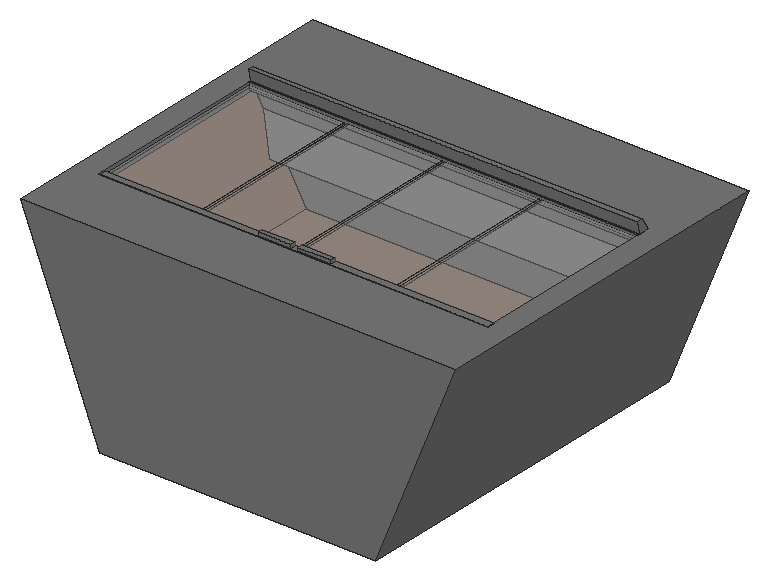
Revit family "Fireplace_Gas_Heatilator_Reveal", category Mechanical Equipment, host Face, Revit 2015
Parameters (values of type "42x21 Viewing Area LP")
  hvacsupplyrad [instance] = HVAC Supply Connection Diameter / 2  # 0' - 2"
  gasrad [instance] = Gas Connection Diameter / 2  # 0' - 0 1/4"
  exhaustrad [instance] = Exhaust Connection Diameter / 2  # 0' - 2 1/2"
  Warranty Duration (Years) = 0
  Unit Width = 3' - 11"
  Unit Weight = 0
  Unit Height = 3' - 3 1/2"
  Unit Depth = 1' - 9 1/2"
  URL = "http://www.heatilator.com/"
  Test Data = ""
  Standards Conformance = "UL  ;  cUL"
  Specification = "http://www.arcat.com/sdspecs/htm04/10_31_07hea.htm"
  SpecWizard = ""
  Send Message = "http://www.arcat.com/users.pl?action=UserEmail&amp;company=Heatilator<sup><small></small></sup>&amp;coid=49248&amp;rep=144&amp;fax=&amp;mf=95"
  Screen [instance] = RevealFace : DF
  Sales Information = "http://www.heatilator.com/Contact-Us.aspx"
  Revision = "R2_2014-09"
  Recess Into Host [instance] = 1' - 9 1/2"
  Rear Width = 2' - 5 3/4"
  Rear Wall Finish [instance] = Masonry - Heatilator - Brick as Specified
  Product Properties = ""
  Product Data = "http://www.arcat.com/arcatcos/cos9549/arc49248.html"
  Opening Width = 3' - 6"
  Opening Height = 1' - 9"
  Mounting Height [instance] = 1' - 10.76867"
  Model = "RBV4842"
  Media Material [instance] = Surface - Heatilator - Media as Specified
  Manufacturer Website = "http://www.heatilator.com/"
  Manufacturer Phone - Toll Free = "800-927-6841"
  Manufacturer Phone = ""
  Manufacturer Fax = ""
  Manufacturer Address = "7571 215th St. W.  Lakeville, MN 55044"
  Manufacturer = "Heatilator"
  Maintenance Schedule (Months) = 0
  Keynote = "10305"
  Installation-Fabrication = ""
  Installation Phase = ""
  Heating Capacity = "as Specified"
  HVAC_BTU Output = 0.0 Btu/h
  HVAC_BTU Input = 41000.0 Btu/h
  HVAC Supply Connection Diameter [instance] = 4"
  Green Building-LEED = ""
  Glazing Tint [instance] = Glazing - Heatilator - Clear
  Gas Connection Diameter [instance] = 1/2"
  Fuel Type = "LP"
  Fuel Consumption = "as Specified"
  Fixture Finish = Metal - Heatilator - Metallic Black
  Expected Lifespan (Years) = 0
  Exhaust Connection Diameter [instance] = 5"
  Electrical_Voltage = 120 V
  Efficiency Ratings = "as Specified"
  Drawn By = "Sumex Design, Inc. / Robert S. Weygant, CSI, CDT, SCIP"
  Door Finish [instance] = Metal - Heatilator - Metallic Black
  Description = "Heatilator Gas Burning Fireplace - Reveal RBV4842 LP as Specified"
  Default Elevation = 0' - 0"
  Copyright = "©Arcat Inc."
  Construction Details = "http://www.arcat.com/details/heatil/heatil.html?coid=49248"
  Building Codes = ""
  Assembly Code = "D3020"
Types (4): name | Unit Width | Rear Width | Opening Width | Model | HVAC_BTU Input | Fuel Type | Description
  42x21 Viewing Area LP | 3' - 11" | 2' - 5 3/4" | 3' - 6" | "RBV4842" | 41000.0 Btu/h | "LP" | "Heatilator Gas Burning Fireplace - Reveal RBV4842 LP as Specified"
  42x21 Viewing Area NG | 3' - 11" | 2' - 5 3/4" | 3' - 6" | "RBV4842" | 43000.0 Btu/h | "NG" | "Heatilator Gas Burning Fireplace - Reveal RBV4842 NG as Specified"
  36x21 Viewing Area LP | 3' - 5" | 1' - 11 3/4" | 3' - 0" | "RBV4236" | 38000.0 Btu/h | "LP" | "Heatilator Gas Burning Fireplace - Reveal RBV4236 LP as Specified"
  36x21 Viewing Area NG | 3' - 5" | 1' - 11 3/4" | 3' - 0" | "RBV4236" | 40000.0 Btu/h | "NG" | "Heatilator Gas Burning Fireplace - Reveal RBV4236 NG as Specified"
Reference planes (in)
  plane 1 "Opening CL": y = 0
  plane 2: z = 0
  plane 3 "Center (Left/Right)": x = 0
  plane 4: z = -21.5
  plane 5 "Front": z = 0
  plane 6: x = -21
  plane 7: x = 21
  plane 8: y = 10.0625
  plane 9 "FF": y = -41.20617
  plane 10: y = -18.4375
  plane 11: y = -10.9375
  plane 12: x = -23.5
  plane 13: x = 23.5
  plane 14: y = 21.0625
  plane 15: x = -14.875
  plane 16: x = 14.875
Forms (in)
  Extrusion 1, void
    sketch origin (0, 0, 0) x (1, 0, 0) y (0, 1, 0)
      loop
        line (23.5, 21.0625) -> (-23.5, 21.0625) -> (-23.5, -18.4375) -> (23.5, -18.4375) -> (23.5, 21.0625)
    from -21.5 to 5.63952
  Extrusion 2, solid
    sketch origin (0, 21.0625, 0) x (0, 0, -1) y (1, 0, 0)
      loop
        circle (12.75, 0) r 2.5
    from 0 to 3
  Extrusion 3, solid
    sketch origin (-23.5, -180, 14.07791) x (0, 0, 1) y (0, -1, 0)
      loop
        circle (-20.57791, -164.8125) r 0.25
    from 0 to 1.0582
  Extrusion 4, solid, material "Metal - Heatilator - Metallic Black" <- "Fixture Finish"
    sketch origin (0, 0, 0) x (1, 0, 0) y (0, 0, 1)
      loop
        line (-23.5, 0) -> (-14.875, -21.5) -> (14.875, -21.5) -> (23.5, 0) -> (21, 0) -> (21, -1) -> (15.45235, -10.60881) -> (-15.45235, -10.60881) -> (-21, -1) -> (-21, 0) -> (-23.5, 0)
    from -10.0625 to 10.9375
  Extrusion 5, solid, material "Metal - Heatilator - Metallic Black" <- "Fixture Finish"
    sketch origin (0, 0, 0) x (1, 0, 0) y (0, 0, 1)
      loop
        line (-23.5, 0) -> (-14.875, -21.5) -> (14.875, -21.5) -> (23.5, 0) -> (-23.5, 0)
    from 10.9375 to 18.4375
  Extrusion 6, solid, material "Metal - Heatilator - Metallic Black" <- "Fixture Finish"
    sketch origin (0, 0, 0) x (1, 0, 0) y (0, 0, 1)
      loop
        line (-23.5, 0) -> (-14.875, -21.5) -> (14.875, -21.5) -> (23.5, 0) -> (-23.5, 0)
    from -21.0625 to -10.0625
  Extrusion 7, solid, material "Metal - Heatilator - Metallic Black" <- "Fixture Finish"
    sketch origin (0, 0, 0) x (0, 1, 0) y (0, 0, 1)
      loop
        line (10.0625, -2.5) -> (8.43042, -6) -> (10.0625, -6) -> (10.0625, -2.5)
    from -21 to 21
  Extrusion 8, solid, material "Metal - Heatilator - Metallic Black" <- "Fixture Finish"
    sketch origin (0, 0, 0) x (0, 1, 0) y (0, 0, 1)
      loop
        line (9.54156, 0) -> (10.5625, 0) -> (9.8125, 1.29904) -> (9.3125, 1.29904) -> (9.54156, 0)
    from -21 to 21
  Extrusion 9, solid
    sketch origin (-23.5, -180, 14.07791) x (0, 0, 1) y (0, -1, 0)
      loop
        circle (-22.32791, -179.5625) r 2
    from 0 to 1.0582
Cuts and joins
  joined: Extrusion 4, Extrusion 5, Extrusion 6, Extrusion 7
Dimensions and locks (in)
  "Recess Into Host": level to plane 4
  "Unit Depth": plane 5 "Front" to plane 4
  equal spacing: plane 6, plane 3 "Center (Left/Right)", plane 7
  "Opening Width": plane 6 to plane 7
  "Mounting Height": plane 10 to plane 9 "FF"
  locked: plane 10 to plane 11 at 7.5
  "Opening Height": plane 8 to plane 11
  equal spacing: plane 12, plane 3 "Center (Left/Right)", plane 13
  "Unit Width": plane 12 to plane 13
  "Unit Height": plane 10 to plane 14
  locked: Extrusion 2 sketch curve to plane 3 "Center (Left/Right)" at 0
  locked: plane 5 "Front" to Extrusion 3 sketch curve at 6.5
  locked: plane 10 to Extrusion 3 sketch curve at 3.25
  equal spacing: plane 16, plane 3 "Center (Left/Right)", plane 15
  "Rear Width": plane 16 to plane 15
  locked: plane 5 "Front" to Extrusion 4 sketch curve at 10.60881
  locked: plane 5 "Front" to Extrusion 4 sketch curve at 1  (x2)
  plane 5 "Front" to Extrusion 7 sketch curve to Extrusion 7 sketch curve = 0' - 2 1/2" locked, 0' - 3 1/2" locked
  locked: Extrusion 7 sketch curve to plane 8 at 1.63208
  Extrusion 8 sketch curve to Extrusion 8 sketch curve to Extrusion 8 sketch curve to plane 8 to Extrusion 8 sketch curve = 0' - 0.22906" locked, 0' - 0.27094" locked, 0' - 0 1/4" locked, 0' - 0 1/2" locked
  locked: Extrusion 8 sketch curve to plane 5 "Front" at 1.29904
  locked: plane 5 "Front" to Extrusion 9 sketch curve at 8.25
  locked: plane 10 to Extrusion 9 sketch curve at 18
  locked: Extrusion 2 sketch curve to plane 4 at 8.75
  "exhaustrad": radius of Extrusion 2 sketch curve
  "gasrad": radius of Extrusion 3 sketch curve
  "hvacsupplyrad": radius of Extrusion 9 sketch curve
  locked: plane 6 to Extrusion 4 sketch curve (angle 30.00°)
  locked: Extrusion 4 sketch curve to plane 7 (angle 30.00°)
  aligned and locked: plane 2 to host face
  aligned and locked: level to host face
  aligned: Extrusion 1 to plane 5 "Front"
  aligned and locked: Extrusion 1 to plane 4
  aligned and locked: Extrusion 1 sketch curve to plane 10
  aligned and locked: plane 13 to Extrusion 1 sketch curve
  aligned and locked: Extrusion 1 sketch curve to plane 12
  aligned and locked: Extrusion 1 sketch curve to plane 14
  aligned and locked: Extrusion 4 sketch curve to plane 15
  aligned and locked: Extrusion 4 sketch curve to plane 16
  aligned and locked: Extrusion 4 sketch curve to plane 5 "Front"
  aligned and locked: plane 5 "Front" to Extrusion 4 sketch curve
  aligned and locked: plane 12 to Extrusion 4 sketch curve
  aligned and locked: plane 13 to Extrusion 4 sketch curve
  aligned and locked: plane 5 "Front" to Extrusion 5 sketch curve
  aligned and locked: Extrusion 5 sketch curve to plane 15
  aligned and locked: Extrusion 5 sketch curve to plane 16
  aligned and locked: Extrusion 5 sketch curve to plane 4
  aligned and locked: plane 12 to Extrusion 5 sketch curve
  aligned and locked: plane 13 to Extrusion 5 sketch curve
  aligned and locked: plane 5 "Front" to Extrusion 6 sketch curve
  aligned and locked: plane 12 to Extrusion 6 sketch curve
  aligned and locked: plane 13 to Extrusion 6 sketch curve
  aligned and locked: Extrusion 6 sketch curve to plane 16
  aligned and locked: Extrusion 6 sketch curve to plane 15
  aligned and locked: Extrusion 6 sketch curve to plane 4
  aligned and locked: Extrusion 6 to plane 14
  aligned and locked: Extrusion 6 to plane 8
  aligned and locked: Extrusion 4 to plane 8
  aligned and locked: Extrusion 4 to plane 11
  aligned and locked: plane 10 to Extrusion 5
  aligned and locked: plane 11 to Extrusion 5
  aligned and locked: nested 1 to plane 10
  aligned and locked: plane 7 to Extrusion 7
  aligned and locked: Extrusion 7 to plane 6
  aligned and locked: Extrusion 8 sketch curve to plane 5 "Front"
  aligned and locked: plane 7 to Extrusion 8
  aligned and locked: Extrusion 8 to plane 6
Automatic sketch dimensions
  host sketch curve to host sketch curve = 8' - 0"
  host sketch curve to host sketch curve = 10' - 4 9/16"
  Extrusion 4 sketch curve to plane 6 = 0' - 0"
  Extrusion 4 sketch curve to plane 4 = 0' - 0"
  Extrusion 4 sketch curve to plane 7 = 0' - 0"
  Extrusion 7 sketch curve to plane 8 = 0' - 0"
Nested families (in)
  nested 1: "RevealFace" at (0, -18.4375, -0.75), frame finish <- "Door Finish", clear material <- "Glazing Tint", Width <- "Opening Width", type <- "Screen", type "DF"
    with frame finish Metal - Heatilator - Metallic Black, clear material Glazing - Heatilator - Clear, built-in parameter 1001301 3' - 6", built-in parameter 1001300 1' - 4", DM no, DF yes
Connectors (in)
  hvac at (0, 21.0625, -12.75), driven by "exhaustrad"
    settings: on Extrusion 2, index 2, duct flow 0 CFM, flow factor 0, pres drop 0.00 in-wg, loss coef 0, conn angle 0.00°, conn width 12", conn height 12", conn diameter 5", duct sys type 3, conn prof type 0, flow config 0, flow direction 2, loss method 0, conn ref index -1, conn util no, is conn primary yes, conn desc "Vertical Exhaust"
  piping at (-23.5, -15.1875, -6.5), diameter 0.5, driven by "gasrad"
    settings: on Extrusion 3, index 5, connector inside diameter 1/2", connector length 0' - 0", flow factor 0, pipe flow 0 GPM, pressure drop 0.00 psi, fitting loss kfactor 0, connector angle 0.00°, fixture units 0, engagement length 0' - 0", angle of deflection 0.00°, flow configuration 0, flow direction 1, fitting loss method 0, system type 29, joint type 0, gender type 0, connector reference index -1, connector utility 0, adjustable connector no, is connector primary yes, connector description "Gas Inlet"
  electrical at (19.1875, 1.3125, -10.75), driven by "Electrical_Voltage"
    settings: on cut or joined group of Extrusion 4, Extrusion 5, Extrusion 6, Extrusion 7, index 6, voltage 120 V, apparent load 0 VA, apparent load phase1 0 VA, apparent load phase2 0 VA, apparent load phase3 0 VA, power factor 1, load classification "Other", number of poles 1, system type 31, power factor state 1, is connector primary yes, connector utility no, sub classification motor no, connector description ""
  hvac at (-23.5, -0.4375, -8.25), driven by "hvacsupplyrad"
    settings: on Extrusion 9, index 7, duct flow 0 CFM, flow factor 0, pres drop 0.00 in-wg, loss coef 0, conn angle 0.00°, conn width 12", conn height 12", conn diameter 4", duct sys type 1, conn prof type 0, flow config 0, flow direction 1, loss method 0, conn ref index -1, conn util no, is conn primary no, conn desc "Outside Supply Air Inlet"
Definition of nested family "RevealFace"
  Parameters
    frame finish [instance] = none
    clear material [instance] = none
    Width [instance] = 2' - 6"
    Height [instance] = 1' - 4"
    DM = yes
    DF = no
    Default Elevation = 4' - 0"
    Assembly Code = ""
  Reference planes (in)
    plane 1 "Center (Front/Back)": y = 0
    plane 2: z = 0
    plane 3 "Center (Left/Right)": x = 0
    plane 4: x = -15
    plane 5: x = 15
    plane 6: y = 7.5
    plane 7: y = 28.5
    plane 8: x = -7.5
    plane 9: x = 7.5
  Forms (in)
    Extrusion 1, solid, material <- "frame finish", visible <- "DF"
      sketch origin (0, 0, 0) x (1, 0, 0) y (0, 1, 0)
        loop
          line (-15, 28.5) -> (-15, 27.75) -> (15, 27.75) -> (15, 28.5) -> (-15, 28.5)
        loop
          line (-15, 7.5) -> (15, 7.5) -> (15, 8.25) -> (-15, 8.25) -> (-15, 7.5)
      from 0 to 0.75
    Extrusion 2, solid, material <- "frame finish", visible <- "DM"
      sketch origin (0, 0, 0) x (1, 0, 0) y (0, 1, 0)
        loop
          line (-15, 28.5) -> (-15, 27) -> (15, 27) -> (15, 28.5) -> (-15, 28.5)
        loop
          line (-15, 7.5) -> (15, 7.5) -> (15, 9) -> (-15, 9) -> (-15, 7.5)
      from 0 to 0.75
    Extrusion 3, solid, material <- "clear material"
      sketch origin (0, 0, 0) x (1, 0, 0) y (0, 1, 0)
        loop
          line (-14.875, 27.75) -> (-14.875, 8.25) -> (-7.625, 8.25) -> (-7.625, 27.75) -> (-14.875, 27.75)
        loop
          line (-0.125, 27.75) -> (-7.375, 27.75) -> (-7.375, 8.25) -> (-0.125, 8.25) -> (-0.125, 27.75)
        loop
          line (0.125, 27.75) -> (0.125, 8.25) -> (7.375, 8.25) -> (7.375, 27.75) -> (0.125, 27.75)
        loop
          line (14.875, 27.75) -> (7.625, 27.75) -> (7.625, 8.25) -> (14.875, 8.25) -> (14.875, 27.75)
      from 0.25 to 0.5
    Extrusion 4, solid, material <- "frame finish"
      sketch origin (0, 0, 0) x (1, 0, 0) y (0, 1, 0)
        loop
          line (-3.88868, 7.64216) -> (-0.38868, 7.64216) -> (-0.38868, 8.14216) -> (-3.88868, 8.14216) -> (-3.88868, 7.64216)
        loop
          line (3.88868, 7.64216) -> (3.88868, 8.14216) -> (0.38868, 8.14216) -> (0.38868, 7.64216) -> (3.88868, 7.64216)
      from 0.75 to 1.125
  Dimensions and locks (in)
    "Width": plane 4 to plane 5
    locked: plane 1 "Center (Front/Back)" to plane 6 at 7.5
    equal spacing: plane 4, plane 8, plane 3 "Center (Left/Right)", plane 9, plane 5
    locked: Extrusion 3 sketch curve to plane 5 at 0.125
    Extrusion 3 sketch curve to plane 9 to Extrusion 3 sketch curve = 0' - 0 1/8" locked, 0' - 0 1/8" locked
    Extrusion 3 sketch curve to plane 3 "Center (Left/Right)" to Extrusion 3 sketch curve = 0' - 0 1/8" locked, 0' - 0 1/8" locked
    Extrusion 3 sketch curve to plane 8 to Extrusion 3 sketch curve = 0' - 0 1/8" locked, 0' - 0 1/8" locked
    locked: plane 4 to Extrusion 3 sketch curve at 0.125
    Extrusion 4 sketch curve to Extrusion 4 sketch curve to plane 3 "Center (Left/Right)" to Extrusion 4 sketch curve to Extrusion 4 sketch curve = 0' - 3 1/2" locked, 0' - 0.38868" locked, 0' - 0.38868" locked, 0' - 3 1/2" locked
    aligned and locked: plane 2 to level
    aligned and locked: plane 4 to Extrusion 1 sketch curve
    aligned and locked: Extrusion 1 sketch curve to plane 5
    aligned and locked: plane 5 to Extrusion 1 sketch curve
    aligned and locked: Extrusion 1 sketch curve to plane 4
    aligned and locked: plane 4 to Extrusion 2 sketch curve
    aligned and locked: Extrusion 2 sketch curve to plane 5
    aligned and locked: plane 5 to Extrusion 2 sketch curve
    aligned and locked: Extrusion 2 sketch curve to plane 4
  Automatic sketch dimensions
    Extrusion 1 sketch curve to plane 6 = 0' - 0"
    Extrusion 1 sketch curve to plane 7 = 0' - 0"
    Extrusion 1 sketch curve to Extrusion 1 sketch curve = 0' - 0 3/4"
    Extrusion 1 sketch curve to plane 7 = 0' - 0 3/4"
    Extrusion 2 sketch curve to plane 6 = 0' - 0"
    Extrusion 2 sketch curve to plane 7 = 0' - 0"
    Extrusion 2 sketch curve to Extrusion 2 sketch curve = 0' - 1 1/2"
    Extrusion 2 sketch curve to plane 7 = 0' - 1 1/2"
    plane 6 to Extrusion 3 sketch curve = 0' - 0 3/4"  (x3)
    Extrusion 3 sketch curve to Extrusion 3 sketch curve = 0' - 0"
    Extrusion 3 sketch curve to plane 7 = 0' - 0 3/4"  (x4)
    plane 6 to Extrusion 4 sketch curve = 0' - 0.14216"  (x2)
    Extrusion 4 sketch curve to Extrusion 4 sketch curve = 0' - 0 1/2"  (x2)
